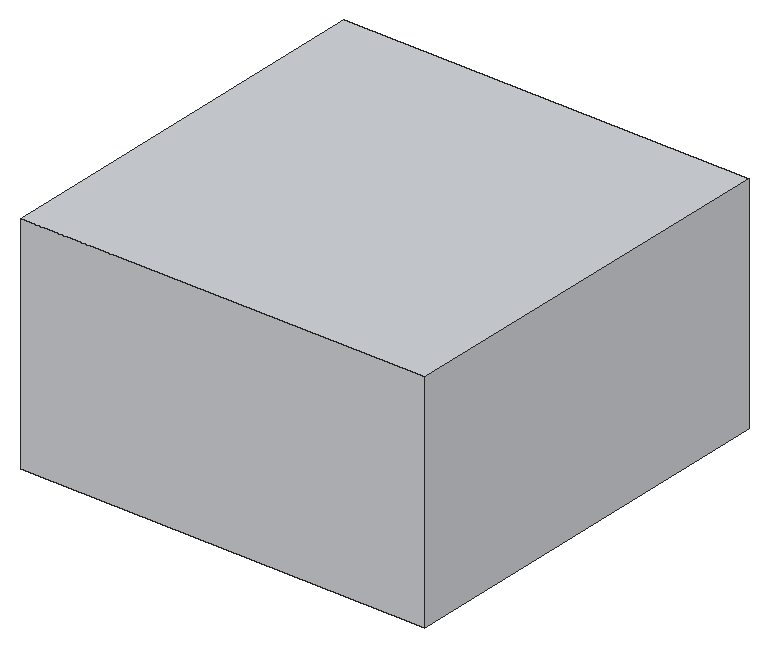
Revit family "tpp-esercitazione 2", category Modelli generici, Revit 2017
Family settings
  Può ospitare armatura = No
  Quota connettore circolare = Usa diametro
  Tipo di parte = Normale
  Basato su piano di lavoro = No
  Sempre verticale = Sì
  Taglio con vuoti quando caricato = No
  Condiviso = No
  Punto di calcolo locali = No
Parameters
  wich = 300 mm
  whict = 5407.383 mm
Reference planes
  plane 1 "Centro (Fronte/Retro)": y = -1500
  plane 2: z = 0
  plane 3 "Centro (Sinistra/Destra)": x = 3407.383
  plane 4: x = -2000
  plane 5: y = 3907.383
Forms (mm)
  Extrusion 1, solid
    sketch origin (0, 0, 0) x (1, 0, 0) y (0, 1, 0)
      loop
        line (3407.383, 3907.383) -> (-2000, 3907.383) -> (-2000, -1500) -> (3407.383, -1500) -> (3407.383, 3907.383)
    from 0 to 3000
Dimensions and locks
  "whict": plane 1 "Centro (Fronte/Retro)" to plane 5
  "whict": plane 4 to plane 3 "Centro (Sinistra/Destra)"
  aligned and locked: level to plane 2
  aligned and locked: plane 1 "Centro (Fronte/Retro)" to Extrusion 1
  aligned and locked: plane 3 "Centro (Sinistra/Destra)" to Extrusion 1
  aligned and locked: Extrusion 1 to plane 4
Automatic sketch dimensions
  plane 4 to Extrusion 1 sketch curve = 0 mm
  plane 3 "Centro (Sinistra/Destra)" to Extrusion 1 sketch curve = 0 mm
  plane 1 "Centro (Fronte/Retro)" to Extrusion 1 sketch curve = 0 mm
  Extrusion 1 sketch curve to plane 5 = 0 mm
